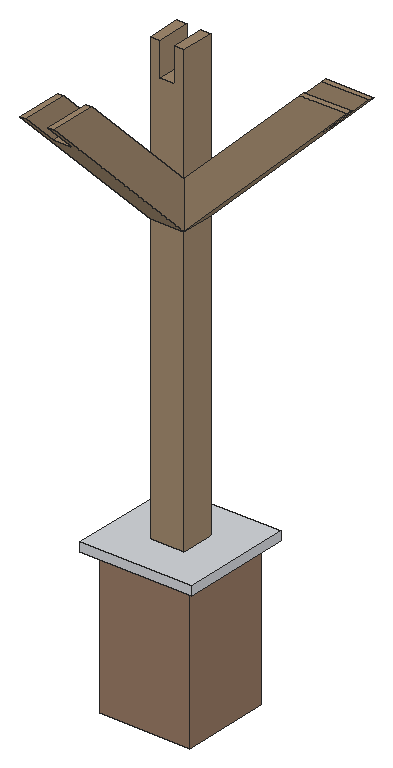
Revit family "GEN_A3-695-Louie-pier(NO BASE)90deg", category Columns, Revit 2016
Family settings
  Cut with Voids When Loaded = No
  Automatically joins geometry to walls = Yes
  Shared = No
  Show family pre-cut in plan views = Yes
Parameters (values of type "646-PIER-DOUBLE")
  STEP = 170 mm
  NIB WIDTH = 690 mm
  NIB = 230 mm
  Assembly Code = ""
Types (2, lengths in mm): name | STEP
  646-PIER-DOUBLE | 170
  646-PIER-DOUBLE 2 | 4500
Reference planes
  plane 1 "Center (Front/Back)": y = 20
  plane 2: z = 0
  plane 3 "Left": x = -250
  plane 4 "Right": x = 440
  plane 5 "Back": y = 250
  plane 6 "Front": y = -440
  plane 7: z = -170
  plane 8: z = 510
  plane 9: z = 2550
  plane 10: y = -95
  plane 11: z = 650
  plane 12: z = 690
Forms (mm)
  Extrusion 1, solid, material "-TIMBER POSTS"
    sketch origin (0, 0, 0) x (1, 0, 0) y (0, 1, 0)
      loop
        line (20, -20) -> (20, -170) -> (170, -170) -> (170, -20) -> (20, -20)
    from 0 to 2700
  Extrusion 2, void
    sketch origin (7.5, -20, 0) x (-1, 0, 0) y (0, 0, -1)
      loop
        line (-55, -2550) -> (-120, -2550) -> (-120, -2700) -> (-55, -2700) -> (-55, -2550)
    from 0 to 250
  Extrusion 3, solid, material "-TIMBER POSTS"
    sketch origin (187.5, -108.013, 0) x (0, 1, 0) y (0, 0, -1)
      loop
        line (-61.987, -2182.5) -> (-61.987, -1970.368) -> (-791.619, -2700) -> (-579.487, -2700) -> (-61.987, -2182.5)
    from 17.5 to 167.5
  Extrusion 4, void
    sketch origin (2.5, -732.5, 0) x (-1, 0, 0) y (0, 0, -1)
      loop
        line (-42.5, -2550) -> (-142.5, -2550) -> (-142.5, -2700) -> (-42.5, -2700) -> (-42.5, -2550)
    from -202.617 to 178.931
  Extrusion 5, solid, material "-PIER BASE"
    sketch origin (0, 0, 0) x (1, 0, 0) y (0, 1, 0)
      loop
        line (-105, -295) -> (295, -295) -> (295, 105) -> (-105, 105) -> (-105, -295)
      loop
        line (20, -20) -> (20, -170) -> (170, -170) -> (170, -20) -> (20, -20)
    from 0 to 650
  Extrusion 6, solid
    sketch origin (0, 0, 0) x (1, 0, 0) y (0, 1, 0)
      loop
        line (-155, 155) -> (-155, -345) -> (345, -345) -> (345, 155) -> (-155, 155)
    from 650 to 690
  Extrusion 7, solid, material "-TIMBER POSTS"
    sketch origin (108.013, -3.215, 0) x (-1, 0, 0) y (0, 0, -1)
      loop
        line (-61.987, -2182.5) -> (-61.987, -1970.368) -> (-791.619, -2700) -> (-579.487, -2700) -> (-61.987, -2182.5)
    from 17.5 to 167.5
  Extrusion 8, void
    sketch origin (732.5, -188.215, 0) x (0, -1, 0) y (0, 0, -1)
      loop
        line (-42.5, -2550) -> (-142.5, -2550) -> (-142.5, -2700) -> (-42.5, -2700) -> (-42.5, -2550)
    from -202.617 to 178.931
Cuts and joins
  Extrusion 2 cuts Extrusion 1
  Extrusion 4, Extrusion 8 cuts Extrusion 3
  Extrusion 8 cuts Extrusion 7
Dimensions and locks
  "NIB WIDTH": plane 3 "Left" to plane 4 "Right"
  "NIB WIDTH": plane 6 "Front" to plane 5 "Back"
  "NIB": plane 1 "Center (Front/Back)" to plane 5 "Back"
  locked: plane 9 to level at 150
  Extrusion 5 to Extrusion 5 = 650 mm
  level to plane 11 = 650 mm
  aligned and locked: Extrusion 1 to level
  aligned and locked: level to Extrusion 1
  aligned and locked: plane 9 to Extrusion 2 sketch curve
Automatic sketch dimensions
  Extrusion 5 sketch curve to plane 3 "Left" = 145 mm
  plane 1 "Center (Front/Back)" to Extrusion 5 sketch curve = 40 mm
  Extrusion 5 sketch curve to Extrusion 5 sketch curve = 125 mm
  Extrusion 5 sketch curve to Extrusion 5 sketch curve = 150 mm
  plane 4 "Right" to Extrusion 5 sketch curve = 145 mm
  plane 10 to Extrusion 5 sketch curve = 75 mm
  Extrusion 5 sketch curve to plane 6 "Front" = 145 mm
  Extrusion 5 sketch curve to plane 1 "Center (Front/Back)" = 85 mm
  plane 10 to Extrusion 1 sketch curve = 75 mm
  plane 1 "Center (Front/Back)" to Extrusion 1 sketch curve = 40 mm
  Extrusion 1 sketch curve to plane 3 "Left" = 270 mm
  Extrusion 1 sketch curve to Extrusion 1 sketch curve = 150 mm
  Extrusion 6 sketch curve to plane 3 "Left" = 95 mm
  plane 4 "Right" to Extrusion 6 sketch curve = 95 mm
  Extrusion 6 sketch curve to plane 6 "Front" = 95 mm
  plane 5 "Back" to Extrusion 6 sketch curve = 95 mm
  Extrusion 2 sketch curve to Extrusion 1 = 0 mm
  Extrusion 1 to Extrusion 2 sketch curve = 42.5 mm  (x2)
  Extrusion 3 sketch curve to level = 0 mm
  plane 6 "Front" to Extrusion 3 sketch curve = 459.632 mm
  Extrusion 3 sketch curve to Extrusion 3 sketch curve = 212.132 mm  (x2)
  plane 10 to Extrusion 3 sketch curve = 75 mm
  Extrusion 3 sketch curve to plane 9 = 367.5 mm
  Extrusion 4 sketch curve to plane 9 = 0 mm
  Extrusion 4 sketch curve to level = 0 mm
  plane 4 "Right" to Extrusion 4 sketch curve = 295 mm
  Extrusion 4 sketch curve to Extrusion 4 sketch curve = 100 mm
  Extrusion 7 sketch curve to plane 4 "Right" = 459.632 mm
  Extrusion 7 sketch curve to Extrusion 7 sketch curve = 212.132 mm  (x2)
  plane 4 "Right" to Extrusion 7 sketch curve = 270 mm
  plane 9 to Extrusion 7 sketch curve = 150 mm
  plane 12 to Extrusion 7 sketch curve = 1492.5 mm
  Extrusion 8 sketch curve to plane 10 = 49.285 mm
  plane 10 to Extrusion 8 sketch curve = 50.715 mm
  plane 9 to Extrusion 8 sketch curve = 150 mm
  Extrusion 8 sketch curve to Extrusion 8 sketch curve = 150 mm
